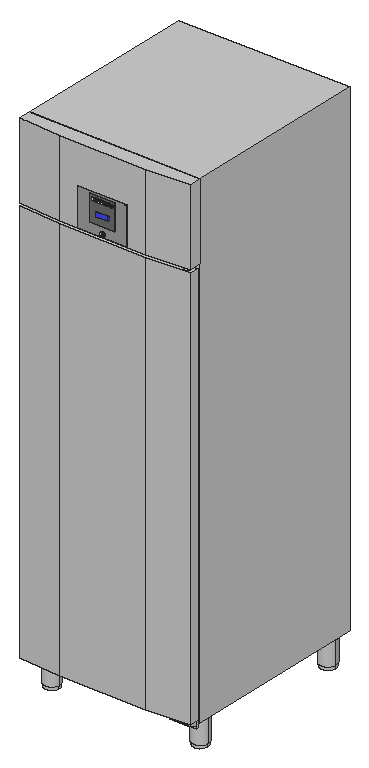
Revit family "QF_LIEBHERR_BGPv 6570.191129010523", category Specialty Equipment, Revit 2016
Family settings
  Part Type = Normal
  Round Connector Dimension = Use Diameter
  OmniClass Number = 23.40.40.14
  OmniClass Title = Food Service Equipment
  Work Plane-Based = No
  Always vertical = Yes
  Cut with Voids When Loaded = No
  Shared = No
  Room Calculation Point = No
Parameters (values of type "BGPV 6570_230V/1Ph/50Hz")
  URL catalogue = ""
  URL = "home.liebherr.com"
  Type de Raccord Electrique [instance] = ""
  Type article [instance] = ""
  Tension = 230 V
  Status [instance] = ""
  Spécification technique = ""
  Spécification du Fabricant [instance] = ""
  Spécification de l'Utilisateur [instance] = ""
  SMACNA No spécifique pour les matériaux  Etats Unis = ""
  Quantité par lot [instance] = no
  Puissance électrique  = 300 W
  Puissance en CV = ""
  Puissance Apparente = 300 VA
  Protection de l'Appareil = 0 A
  Profondeur hors tout = 830 mm
  Poids net à vide = 140.00 kg
  Phase = 1
  Numéro de Série = ""
  Nombres de Pôles = 2
  Nombre d'identification NAFEM = ""
  Model = "BGPv 6570"
  Manufacturer = "LIEBHERR"
  Longueur hors tout = 700 mm
  Intensité nominale courant electrique = 4 A
  Installé Par [instance] = ""
  Identifiant Equipement [instance] = no
  Hauteur hors tout = 2120 mm
  Hauteur de Raccordement du Sol Finis [instance] = 1700 mm
  Hauteur de Raccordement du Sol Brut [instance] = 0 mm
  Fréquence = 50 Hz
  Fournis Par [instance] = ""
  Description = "BAKERY FREEZER BGPV 6570, -10/-30°C, S/STEEL EXTERIOR & INTERIOR, 365 L NET"
  Câble de connexion à l'appareil inclus = no
  Cost = 0
  Consommation d'énergie minimale = 0 A
  Connexion prise électrique  = ""
  Code de Révision [instance] = ""
  Classification dans le projet = ""
  Classement sismique = ""
  Accessoires = no
Reference planes
  plane 1 "Centre (avant/arrière)": y = 0
  plane 2: z = 0
  plane 3 "Centre (gauche/droite)": x = 0
Forms (mm)
  Extrusion 1, solid, not visible
    sketch origin (649, -2, 1819) x (1, 0, 0) y (0, 1, 0)
      loop
        line (0, 0) -> (2, 0) -> (2, 2) -> (0, 2) -> (0, 0)
    from 0 to 2
Dimensions and locks
  aligned and locked: level to plane 2
Nested families
  nested 1: "QF_LIEBHERR_BGPV 6570_230V_1Ph_50Hz" at (0, 0, 120), type "BGPV 6570_230V/1Ph/50Hz"
    with Show Logo yes, Show Clearance yes
  nested 2: "QF_LIEBHERR_BGPV6570_DOOR_RX" at (0, 0, 120), type "BGPV6570_DOOR_RX"
    with Show Logo yes, Show Clearance yes
  nested 3: "QF_LIEBHERR_BGPV6570_LEGS" at (0, 0, 0), type "BGPV6570_LEGS"
    with Show Logo yes, Show Clearance yes
Connectors
  electrical at (650, 0, 1820), driven by "Puissance Apparente", driven by "Nombres de Pôles", driven by "Tension"
    settings: on Extrusion 1, index 1, voltage 230 V, apparent load 0 VA, apparent load phase1 300 VA, apparent load phase2 0 VA, apparent load phase3 0 VA, power factor 1, load classification "Other", number of poles 2, system type 31, power factor state 1, is connector primary yes, connector utility no, sub classification motor no, connector description "Electric connection for 'BGPV 6570'"
Definition of nested family "QF_LIEBHERR_BGPV 6570_230V_1Ph_50Hz"
  Parameters (values of type "BGPV 6570_230V/1Ph/50Hz")
    URL = "home.liebherr.com"
    Show Logo [instance] = yes
    Show Clearance [instance] = yes
    Model = "BGPv 6570"
    Manufacturer = "LIEBHERR"
    Description = "BAKERY FREEZER BGPV 6570, -10/-30°C, S/STEEL EXTERIOR & INTERIOR, 365 L NET"
    Assembly Code = "E1090320"
  Types (6, lengths in mm): name | Model | Description
    BGPV 6570_230V/1Ph/50Hz | "BGPv 6570" | "BAKERY FREEZER BGPV 6570, -10/-30°C, S/STEEL EXTERIOR & INTERIOR, 365 L NET"
    BKPv 6570 | "BKPv 6570" | "BAKERY FRIDGE BKPV 6570, -5/+15°C, S/STEEL EXTERIOR & INTERIOR, 365 L NET"
    GGPv 6570 | "GGPv 6570" | "GN FRIDGE GKPV 6570, -2/+15°C, S/STEEL EXTERIOR & INTERIOR, 465 L NET"
    GGPv 6590 | "GGPv 6590" | "GN FRIDGE GKPV 6590, -2/+15°C, S/STEEL EXTERIOR & INTERIOR, 465 L NET"
    GKPv 6570 | "GKPv 6570" | "GN FREEZER GGPV 6570, -10/-30°C, S/STEEL EXTERIOR & INTERIOR, 465 L NET"
    GKPv 6590 | "GKPv 6590" | "GN FREEZER GGPV 6590, -10/-30°C, S/STEEL EXTERIOR & INTERIOR, 465 L NET"
  Reference planes
    plane 1 "Back": y = 0
    plane 2: z = 0
    plane 3 "Left": x = 0
    plane 4 "Right": x = 700
    plane 5 "Front": y = -830
    plane 6 "Top": z = 2000
  Forms (mm)
    Extrusion 1, solid
      sketch origin (0, 0, -113) x (1, 0, 0) y (0, 1, 0)
        loop
          line (0, -767) -> (0, -816.625) -> (171.985, -830) -> (527.99, -830) -> (700, -816.625) -> (700, -767) -> (0, -767)
      from 1801 to 2113
    Extrusion 2, solid
      sketch origin (0, 0, -113) x (0, 1, 0) y (0, 0, 1)
        loop
          line (-767, 2113) -> (-767, 113) -> (0, 113) -> (0, 2113) -> (-767, 2113)
      from 0 to 700
    Extrusion 3, solid
      sketch origin (0, -829, -113) x (1, 0, 0) y (0, 0, 1)
        loop
          line (249.988, 1957) -> (249.988, 1801) -> (449.988, 1801) -> (449.988, 1957) -> (249.988, 1957)
      from 0 to 2
    Extrusion 4, solid
      sketch origin (0, -830, -113) x (1, 0, 0) y (0, 0, 1)
        loop
          line (297.988, 1947) -> (297.988, 1841) -> (401.988, 1841) -> (401.988, 1947) -> (297.988, 1947)
      from 0 to 2
    Extrusion 5, solid
      sketch origin (0, -831, -113) x (1, 0, 0) y (0, 0, 1)
        loop
          line (374.988, 1890) -> (324.988, 1890) -> (324.988, 1871) -> (374.988, 1871) -> (374.988, 1890)
      from 0 to 2
    Extrusion 6, solid, visible <- "Show Logo"
      sketch origin (0, -831, -113) x (1, 0, 0) y (0, 0, 1)
        loop
          line (309.542, 1937.598) -> (309.542, 1926.598) -> (317.534, 1926.598) -> (317.534, 1929.598) -> (314.534, 1929.598) -> (314.534, 1937.598) -> (309.542, 1937.598)
        loop
          line (318.542, 1937.598) -> (318.542, 1926.598) -> (323.534, 1926.598) -> (323.534, 1937.598) -> (318.542, 1937.598)
        loop
          line (325.425, 1937.598) -> (325.425, 1926.598) -> (332.444, 1926.598) -> (332.444, 1929.098) -> (330.418, 1929.098) -> (330.418, 1931.098) -> (332.444, 1931.098) -> (332.444, 1933.098) -> (330.418, 1933.098) -> (330.418, 1935.098) -> (332.444, 1935.098) -> (332.444, 1937.598) -> (325.425, 1937.598)
        loop
          line (334.425, 1937.598) -> (334.425, 1926.598) -> (341.444, 1926.598)
          arc (341.444, 1926.598) -> (344.324, 1928.719) -> (343.152, 1932.098) r 3.015
          arc (343.152, 1932.098) -> (344.324, 1935.477) -> (341.444, 1937.598) r 3.015
          line (341.444, 1937.598) -> (334.425, 1937.598)
        loop
          line (340.389, 1935.098) -> (339.418, 1935.098) -> (339.418, 1933.098) -> (340.389, 1933.098)
          arc (340.389, 1933.098) -> (341.389, 1934.098) -> (340.389, 1935.098) r 1
        loop
          arc (340.456, 1929.098) -> (341.456, 1930.098) -> (340.456, 1931.098) r 1
          line (340.456, 1931.098) -> (339.418, 1931.098) -> (339.418, 1929.098) -> (340.456, 1929.098)
        loop
          line (346.398, 1937.598) -> (346.398, 1926.598) -> (351.391, 1926.598) -> (351.391, 1931.098) -> (353.417, 1931.098) -> (353.417, 1926.598) -> (358.41, 1926.598) -> (358.41, 1937.598) -> (353.417, 1937.598) -> (353.417, 1933.098) -> (351.391, 1933.098) -> (351.391, 1937.598) -> (346.398, 1937.598)
        loop
          line (359.811, 1937.598) -> (359.811, 1926.598) -> (366.83, 1926.598) -> (366.83, 1929.098) -> (364.803, 1929.098) -> (364.803, 1931.098) -> (366.83, 1931.098) -> (366.83, 1933.098) -> (364.803, 1933.098) -> (364.803, 1935.098) -> (366.83, 1935.098) -> (366.83, 1937.598) -> (359.811, 1937.598)
        loop
          line (368.822, 1937.598) -> (368.822, 1926.598) -> (373.814, 1926.598) -> (373.814, 1929.098) -> (374.887, 1926.598) -> (379.88, 1926.598) -> (378.318, 1930.237)
          arc (378.318, 1930.237) -> (379.724, 1934.807) -> (375.841, 1937.598) r 4.097
          line (375.841, 1937.598) -> (368.822, 1937.598)
        loop
          line (374.786, 1935.098) -> (373.814, 1935.098) -> (373.814, 1932.141) -> (374.786, 1932.141)
          arc (374.786, 1932.141) -> (376.264, 1933.619) -> (374.786, 1935.098) r 1.479
        loop
          line (381.56, 1937.598) -> (381.56, 1926.598) -> (386.553, 1926.598) -> (386.553, 1929.098) -> (387.626, 1926.598) -> (392.618, 1926.598) -> (391.057, 1930.237)
          arc (391.057, 1930.237) -> (392.463, 1934.807) -> (388.58, 1937.598) r 4.097
          line (388.58, 1937.598) -> (381.56, 1937.598)
        loop
          line (387.524, 1935.098) -> (386.553, 1935.098) -> (386.553, 1932.141) -> (387.524, 1932.141)
          arc (387.524, 1932.141) -> (389.003, 1933.619) -> (387.524, 1935.098) r 1.479
      from 0 to 2
    Extrusion 7, solid
      sketch origin (0, 0, -120) x (1, 0, 0) y (0, 0, 1)
        loop
          circle (650, 1700) r 5
      from 0 to -5
    Extrusion 8, solid
      sketch origin (1321.538, -831.588, 926.938) x (-1, 0, 0) y (0, 0, 1)
        loop
          circle (971.55, 773.43) r 9.525
      from 0 to 1.588
    Extrusion 9, solid
      sketch origin (1321.538, -831.588, 926.938) x (-1, 0, 0) y (0, 0, 1)
        loop
          circle (971.55, 773.43) r 7.53
        loop
          line (972.187, 776.799) -> (970.913, 776.799) -> (970.913, 770.061) -> (972.187, 770.061) -> (972.187, 776.799)
      from 0 to -2.342
  Lines and regions (mm)
    symbolic lines
      curve 1: line (0, 0, 0) -> (700, 0, 0)
      curve 2: line (700, 0, 0) -> (700, -816.625, 0)
      curve 3: line (700, -816.625, 0) -> (527.99, -830, 0)
      curve 4: line (527.99, -830, 0) -> (171.985, -830, 0)
      curve 5: line (171.985, -830, 0) -> (0, -816.625, 0)
      curve 6: line (0, -816.625, 0) -> (0, 0, 0)
      curve 7: line (0, -767, 0) -> (700, -767, 0)
  Dimensions and locks
    plane 3 "Left" to plane 4 "Right" = 700 mm
    plane 5 "Front" to plane 1 "Back" = 830 mm
    plane 6 "Top" to level = 2000 mm
    aligned and locked: level to plane 2
  Connectors
    electrical at (650, 0, 1580)
      settings: on Extrusion 7, index 1, voltage 0 V, apparent load 0 VA, apparent load phase1 0 VA, apparent load phase2 0 VA, apparent load phase3 0 VA, power factor 1, load classification none, number of poles 1, system type 31, power factor state 1, is connector primary yes, connector utility no, sub classification motor no, connector description "Electrical connection"
Definition of nested family "QF_LIEBHERR_BGPV6570_DOOR_RX"
  Parameters (values of type "BGPV6570_DOOR_RX")
    URL catalogue [instance] = ""
    URL = "home.liebherr.com"
    Status [instance] = ""
    Spécification technique [instance] = ""
    Spécification du Fabricant [instance] = ""
    Spécification de l'Utilisateur [instance] = ""
    Show Logo [instance] = yes
    Show Clearance [instance] = yes
    SMACNA No spécifique pour les matériaux  Etats Unis [instance] = ""
    Quantité par lot [instance] = no
    Profondeur hors tout [instance] = 63 mm
    Poids net à vide [instance] = 0.00 kg
    Numéro de Série [instance] = ""
    Nombre d'identification NAFEM [instance] = ""
    Model = "BGPV6570_DOOR_RX"
    Manufacturer = "LIEBHERR"
    Longueur hors tout [instance] = 700 mm
    Installé Par [instance] = ""
    Identifiant Equipement [instance] = no
    Hauteur hors tout [instance] = 1662 mm
    Fournis Par [instance] = ""
    Description = "DOOR WITH RIGHT OPENING"
    Cost = 0
    Code de Révision [instance] = ""
    Classification dans le projet [instance] = ""
    Classement sismique [instance] = ""
    Assembly Code = "E1090320"
    Accessoires [instance] = yes
  Reference planes
    plane 1 "Back": y = 0
    plane 2: z = 0
    plane 3 "Left": x = 0
    plane 4 "Right": x = 700
    plane 5 "Front": y = -830
    plane 6 "Top": z = 1688
  Forms (mm)
    Extrusion 1, solid
      sketch origin (0, 0, -437) x (1, 0, 0) y (0, 1, 0)
        loop
          line (0, -781) -> (0, -816.625) -> (171.985, -830) -> (527.99, -830) -> (700, -816.625) -> (700, -781) -> (0, -781)
      from 451 to 2113
    Extrusion 2, solid
      sketch origin (-29.99, -92.898, 104.715) x (0, 1, 0) y (0, 0, 1)
        loop
          line (-688.102, 1556.285) -> (-688.102, -75.715) -> (-674.102, -75.715) -> (-674.102, 1556.285) -> (-688.102, 1556.285)
      from 44.99 to 714.99
    Extrusion 3, solid
      sketch origin (-56.014, -92.898, -32.168) x (0, 1, 0) y (0, 0, 1)
        loop
          line (-680.221, 13.941) -> (-680.221, 39.157) -> (-723.896, 39.157) -> (-680.221, 13.941)
      from 672.942 to 677.942
    Extrusion 4, solid
      sketch origin (-34.086, -89.604, -32.168) x (1, 0, 0) y (0, 1, 0)
        loop
          circle (709.086, -713.896) r 10
      from 42.671 to 46.168
    Extrusion 5, solid
      sketch origin (-34.086, -89.604, 1633.329) x (1, 0, 0) y (0, 1, 0)
        loop
          circle (709.086, -713.896) r 10
      from 42.671 to 54.671
    Extrusion 6, solid
      sketch origin (693.986, -92.898, -32.168) x (0, 1, 0) y (0, 0, -1)
        loop
          line (-674.102, -7.53) -> (-680.221, -7.53) -> (-680.221, -39.157) -> (-723.896, -39.157) -> (-723.896, -42.671) -> (-674.102, -42.671) -> (-674.102, -7.53)
      from 4.769 to 77.058
    Extrusion 7, solid
      sketch origin (1362.159, -92.898, -32.168) x (0, 1, 0) y (0, 0, -1)
        loop
          line (-680.221, -13.941) -> (-723.896, -39.157) -> (-680.221, -39.157) -> (-680.221, -13.941)
      from 672.942 to 677.942
    Extrusion 8, solid
      sketch origin (1328.514, -92.898, -32.168) x (0, 1, 0) y (0, 0, -1)
        loop
          line (-680.221, -13.941) -> (-723.896, -39.157) -> (-680.221, -39.157) -> (-680.221, -13.941)
      from 672.942 to 677.942
    Extrusion 9, solid, visible <- "Show Clearance", detail levels coarse
      sketch origin (0, 0, 0) x (1, 0, 0) y (0, 1, 0)
        loop
          arc (0, -830) -> (194.431, -1283.965) -> (640, -1496.933) r 700.694
          line (640, -1496.933) -> (700, -1496.933) -> (700, -830) -> (0, -830)
      from 14 to 1676
  Lines and regions (mm)
    symbolic lines, visible <- "Show Clearance"
      curve 1: arc (-0.469, -816.588, 0) -> (189.808, -1279.101, 0) -> (640, -1496.933, 0) r 700.694
      curve 2: line (700, -1496.933, 0) -> (700, -816.625, 0)
      curve 3: line (640, -1496.933, 0) -> (640, -821.29, 0)
      curve 4: line (640, -1496.933, 0) -> (700, -1496.933, 0)
  Dimensions and locks
    plane 3 "Left" to plane 4 "Right" = 700 mm
    plane 5 "Front" to plane 1 "Back" = 830 mm
    plane 6 "Top" to level = 1688 mm
    aligned and locked: level to plane 2
Definition of nested family "QF_LIEBHERR_BGPV6570_LEGS"
  Parameters (values of type "BGPV6570_LEGS")
    URL catalogue [instance] = ""
    URL = "home.liebherr.com"
    Status [instance] = ""
    Spécification technique [instance] = ""
    Spécification du Fabricant [instance] = ""
    Spécification de l'Utilisateur [instance] = ""
    Show Logo [instance] = yes
    Show Clearance [instance] = yes
    SMACNA No spécifique pour les matériaux  Etats Unis [instance] = ""
    Quantité par lot [instance] = no
    Profondeur hors tout [instance] = 830 mm
    Poids net à vide [instance] = 0.00 kg
    Numéro de Série [instance] = ""
    Nombre d'identification NAFEM [instance] = ""
    Model = "BGPV6570_LEGS"
    Manufacturer = "LIEBHERR"
    Longueur hors tout [instance] = 700 mm
    Installé Par [instance] = ""
    Identifiant Equipement [instance] = no
    Hauteur hors tout [instance] = 120 mm
    Fournis Par [instance] = ""
    Description = "STANDARD LEGS"
    Cost = 0
    Code de Révision [instance] = ""
    Classification dans le projet [instance] = ""
    Classement sismique [instance] = ""
    Assembly Code = "E1090320"
    Accessoires [instance] = yes
  Reference planes
    plane 1 "Back": y = 0
    plane 2: z = 0
    plane 3 "Left": x = 0
    plane 4 "Right": x = 700
    plane 5 "Front": y = -830
    plane 6 "Top": z = 120
  Forms (mm)
    Revolve 1, solid
      sketch origin (0, -54.25, 0) x (1, 0, 0) y (0, 0, 1)
        loop
          line (45, 0) -> (75, 0) -> (75, 14) -> (78.027, 14) -> (78.027, 113) -> (84.75, 113) -> (84.75, 120) -> (45, 120) -> (45, 0)
        axis (45, 120) -> (45, 0)
      angle from 0 to 360
    Revolve 2, solid
      sketch origin (610, -54.25, 0) x (1, 0, 0) y (0, 0, 1)
        loop
          line (45, 0) -> (75, 0) -> (75, 14) -> (78.027, 14) -> (78.027, 113) -> (84.75, 113) -> (84.75, 120) -> (45, 120) -> (45, 0)
        axis (45, 120) -> (45, 0)
      angle from 0 to 360
    Revolve 3, solid
      sketch origin (0, -709.05, 0) x (1, 0, 0) y (0, 0, 1)
        loop
          line (45, 0) -> (75, 0) -> (75, 14) -> (78.027, 14) -> (78.027, 113) -> (84.75, 113) -> (84.75, 120) -> (45, 120) -> (45, 0)
        axis (45, 120) -> (45, 0)
      angle from 0 to 360
    Revolve 4, solid
      sketch origin (610, -709.05, 0) x (1, 0, 0) y (0, 0, 1)
        loop
          line (45, 0) -> (75, 0) -> (75, 14) -> (78.027, 14) -> (78.027, 113) -> (84.75, 113) -> (84.75, 120) -> (45, 120) -> (45, 0)
        axis (45, 120) -> (45, 0)
      angle from 0 to 360
  Dimensions and locks
    plane 3 "Left" to plane 4 "Right" = 700 mm
    plane 5 "Front" to plane 1 "Back" = 830 mm
    plane 6 "Top" to level = 120 mm  (x2)
    aligned and locked: level to plane 2
